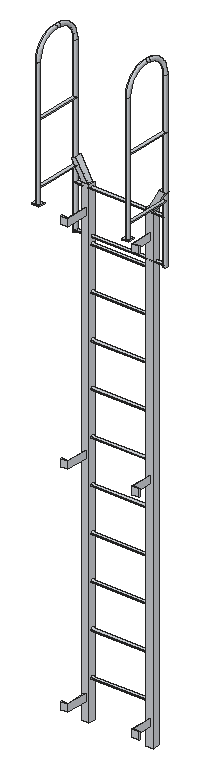
Revit family "Cotterman Ladder", category Generic Models, host Wall, Revit 2016
Family settings
  Host = Wall
  Part Type = Normal
  Can host rebar = No
  Round Connector Dimension = Use Diameter
  Always vertical = Yes
  Cut with Voids When Loaded = No
  Shared = No
  Room Calculation Point = No
Parameters
  T/O Roof [instance] = 12' - 0"
  Material = none
  Ladder Length = 0' 1" + (1' 0" * # of Rung) + 1' 0"  # 11' - 1"
  # of Rung = 10
Reference planes (in)
  plane 1: y = 0
  plane 2 "Center (Left/Right)": x = 0
  plane 3 "Wall Edge": y = 4
  plane 4 "Walk-thru attachement": y = -2
  plane 5 "Rung center": y = 11
  plane 6 "Ladder left": x = -8
  plane 7 "ladder right": x = 8
  plane 8 "Walk-thru Rail-Right": x = 12.5
  plane 9 "Walk-thru Rail Left": x = -12.5
  plane 10 "T/O Roof": z = 144
  plane 11: z = 185.5
  plane 12: z = 11
  plane 13: z = 145
  plane 14: z = 132
  plane 15: z = 131.5
  plane 16: z = 149
  plane 17: z = 165
  plane 18 "top mount": z = 138
  plane 19 "bottom mount": z = 17
  plane 20 "middle mount": z = 77.5
  plane 21: z = 120
Forms (in)
  Extrusion 1, solid, material <- "Material"
    sketch origin (0, 0, 0) x (1, 0, 0) y (0, 1, 0)
      loop
        line (-8, 10) -> (-8, 12) -> (-10, 12) -> (-10, 10) -> (-8, 10)
      loop
        line (8, 10) -> (10, 10) -> (10, 12) -> (8, 12) -> (8, 10)
    from 11 to 145
  Extrusion 2, solid, material <- "Material"
    sketch origin (0, 0, 144) x (0, -1, 0) y (1, 0, 0)
      loop
        line (1, -13.5) -> (3, -13.5) -> (3, -11.5) -> (1, -11.5) -> (1, -13.5)
      loop
        line (1, 11.5) -> (3, 11.5) -> (3, 13.5) -> (1, 13.5) -> (1, 11.5)
    from 0 to 0.25
  Sweep 3, solid, material <- "Material"
    path origin (12.5, 0, 0) x (0, 1, 0) y (0, 0, 1)
      loop
        line (-2, 144.25) -> (-2, 179.5)
        arc (-2, 179.5) -> (-0.24264, 183.74264) -> (4, 185.5) r 6
        line (4, 185.5) -> (5, 185.5)
        arc (5, 185.5) -> (9.24264, 183.74264) -> (11, 179.5) r 6
        line (11, 179.5) -> (11, 131.5)
    profile origin (12.5, -2, 161.875) x (0, 1, 0) y (-1, 0, 0)
      loop
        circle (0, 0) r 0.5
  Sweep 4, solid, material <- "Material"
    path origin (-12.5, 0, 0) x (0, 1, 0) y (0, 0, 1)
      loop
        line (-2, 144.25) -> (-2, 179.5)
        arc (-2, 179.5) -> (-0.24264, 183.74264) -> (4, 185.5) r 6
        line (4, 185.5) -> (5, 185.5)
        arc (5, 185.5) -> (9.24264, 183.74264) -> (11, 179.5) r 6
        line (11, 179.5) -> (11, 131.5)
    profile origin (-12.5, -2, 161.875) x (0, -1, 0) y (1, 0, 0)
      loop
        circle (0, 0) r 0.5
  Extrusion 5, solid, material <- "Material"
    sketch origin (0, 4, 0) x (1, 0, 0) y (0, 0, 1)
      loop
        circle (12.5, 148) r 0.375
      loop
        circle (-12.5, 148) r 0.375
      loop
        circle (12.5, 165) r 0.375
      loop
        circle (-12.5, 165) r 0.375
    from -7 to 6
  Extrusion 6, solid, material <- "Material"
    sketch origin (0, 0, 0) x (0, 1, 0) y (0, 0, 1)
      loop
        circle (11, 144) r 0.375
      loop
        circle (11, 132) r 0.375
    from -12.5 to 12.5
  Extrusion 7, solid, material <- "Material"
    sketch origin (0, 11, 0) x (-1, 0, 0) y (0, 0, 1)
      loop
        line (-9.71132, 144.25) -> (-8.41229, 145) -> (-11.70096, 150.69615) -> (-13, 149.94615) -> (-9.71132, 144.25)
      loop
        line (9.71132, 144.25) -> (13, 149.94615) -> (11.70096, 150.69615) -> (8.41229, 145) -> (9.71132, 144.25)
    from -0.75 to 0.75
  Extrusion 8, solid, material <- "Material"
    sketch origin (0, 0, 17) x (0, -1, 0) y (1, 0, 0)
      loop
        line (-10, -8.875) -> (-10, -9.125) -> (-4.25, -9.125) -> (-4.25, -10.875) -> (-4, -10.875) -> (-4, -8.875) -> (-10, -8.875)
      loop
        line (-10, 8.875) -> (-4, 8.875) -> (-4, 10.875) -> (-4.25, 10.875) -> (-4.25, 9.125) -> (-10, 9.125) -> (-10, 8.875)
    from -1 to 1
  Extrusion 9, solid, material <- "Material"
    sketch origin (0, 0, 77.5) x (0, -1, 0) y (1, 0, 0)
      loop
        line (-10, -8.875) -> (-10, -9.125) -> (-4.25, -9.125) -> (-4.25, -10.875) -> (-4, -10.875) -> (-4, -8.875) -> (-10, -8.875)
      loop
        line (-10, 8.875) -> (-4, 8.875) -> (-4, 10.875) -> (-4.25, 10.875) -> (-4.25, 9.125) -> (-10, 9.125) -> (-10, 8.875)
    from -1 to 1
  Extrusion 10, solid, material <- "Material"
    sketch origin (0, 0, 138) x (0, -1, 0) y (1, 0, 0)
      loop
        line (-10, -8.875) -> (-10, -9.125) -> (-4.25, -9.125) -> (-4.25, -10.875) -> (-4, -10.875) -> (-4, -8.875) -> (-10, -8.875)
      loop
        line (-10, 8.875) -> (-4, 8.875) -> (-4, 10.875) -> (-4.25, 10.875) -> (-4.25, 9.125) -> (-10, 9.125) -> (-10, 8.875)
    from -1 to 1
  Extrusion 11, solid, material <- "Material"
    sketch origin (0, 0, 0) x (0, 1, 0) y (0, 0, 1)
      loop
        circle (11, 130) r 0.375
    from -8 to 8
  Extrusion 12, solid, material <- "Material"
    sketch origin (0, 0, -12) x (0, 1, 0) y (0, 0, 1)
      loop
        circle (11, 130) r 0.375
    from -8 to 8
  Extrusion 13, solid, material <- "Material"
    sketch origin (0, 0, -24) x (0, 1, 0) y (0, 0, 1)
      loop
        circle (11, 130) r 0.375
    from -8 to 8
  Extrusion 14, solid, material <- "Material"
    sketch origin (0, 0, -36) x (0, 1, 0) y (0, 0, 1)
      loop
        circle (11, 130) r 0.375
    from -8 to 8
  Extrusion 15, solid, material <- "Material"
    sketch origin (0, 0, -48) x (0, 1, 0) y (0, 0, 1)
      loop
        circle (11, 130) r 0.375
    from -8 to 8
  Extrusion 16, solid, material <- "Material"
    sketch origin (0, 0, -60) x (0, 1, 0) y (0, 0, 1)
      loop
        circle (11, 130) r 0.375
    from -8 to 8
  Extrusion 17, solid, material <- "Material"
    sketch origin (0, 0, -72) x (0, 1, 0) y (0, 0, 1)
      loop
        circle (11, 130) r 0.375
    from -8 to 8
  Extrusion 18, solid, material <- "Material"
    sketch origin (0, 0, -84) x (0, 1, 0) y (0, 0, 1)
      loop
        circle (11, 130) r 0.375
    from -8 to 8
  Extrusion 19, solid, material <- "Material"
    sketch origin (0, 0, -96) x (0, 1, 0) y (0, 0, 1)
      loop
        circle (11, 130) r 0.375
    from -8 to 8
  Extrusion 20, solid, material <- "Material"
    sketch origin (0, 0, -108) x (0, 1, 0) y (0, 0, 1)
      loop
        circle (11, 130) r 0.375
    from -8 to 8
Text (in)
  text "Placement Side" at (0, 40.15149, 123.01588), in view "Right"
  text "Placement Side" at (-70.3804, 28.46503, 0), in view "Ref. Level"
  text "Placement Side" at (0, 81.62555, 140.59947), in view "Left"
Dimensions and locks (in)
  locked: plane 3 "Wall Edge" to host wall
  plane 4 "Walk-thru attachement" to plane 3 "Wall Edge" to plane 5 "Rung center" = 0' - 6" locked, 0' - 7" locked
  plane 6 "Ladder left" to plane 2 "Center (Left/Right)" = 0' - 8"
  plane 2 "Center (Left/Right)" to plane 7 "ladder right" = 0' - 8"
  "T/O Roof": plane 10 "T/O Roof" to level
  locked: plane 11 to plane 10 "T/O Roof" at 41.5
  "Ladder Length": plane 10 "T/O Roof" to plane 12
  locked: Extrusion 1 sketch curve to plane 6 "Ladder left" at 2
  Extrusion 1 sketch curve to plane 5 "Rung center" to Extrusion 1 sketch curve = 0' - 1" locked, 0' - 1" locked  (x2)
  locked: plane 7 "ladder right" to Extrusion 1 sketch curve at 2
  locked: plane 13 to plane 10 "T/O Roof" at 1
  Extrusion 2 sketch curve to plane 9 "Walk-thru Rail Left" to Extrusion 2 sketch curve = 0' - 1" locked, 0' - 1" locked
  Extrusion 2 sketch curve to plane 8 "Walk-thru Rail-Right" to Extrusion 2 sketch curve = 0' - 1" locked, 0' - 1" locked
  Extrusion 2 sketch curve to plane 4 "Walk-thru attachement" to Extrusion 2 sketch curve = 0' - 1" locked, 0' - 1" locked  (x2)
  locked: plane 10 "T/O Roof" to plane 14 at 12
  locked: plane 14 to plane 15 at 0.5
  plane 17 to plane 16 to plane 10 "T/O Roof" = 1' - 4" locked, 0' - 5" locked
  locked: plane 10 "T/O Roof" to plane 18 "top mount" at 6
  locked: plane 12 to plane 19 "bottom mount" at 6
  equal spacing: plane 18 "top mount", plane 20 "middle mount", plane 19 "bottom mount"
  locked: plane 14 to plane 21 at 12
  equal spacing: group 1, group 2, group 3, group 4, group 5, group 6, group 7, group 8, group 9, group 10  (x2)
  equal spacing: group 10, group 9, group 8, group 7, group 6, group 5, group 4, group 3, group 2, group 1
  aligned and locked: plane 7 "ladder right" to Extrusion 1 sketch curve
  aligned and locked: Extrusion 1 sketch curve to plane 6 "Ladder left"
  aligned and locked: Extrusion 1 to plane 12
  aligned and locked: plane 13 to Extrusion 1
Automatic sketch dimensions
  Sweep 3 sketch curve to plane 8 "Walk-thru Rail-Right" = 0' - 0"
  profile plane to Sweep 3 sketch curve = 0' - 0"
  Sweep 3 sketch curve to plane 4 "Walk-thru attachement" = 0' - 0"
  Sweep 3 sketch curve to plane 3 "Wall Edge" = 0' - 0"
  Sweep 3 sketch curve to plane 11 = 0' - 0"
  Sweep 3 sketch curve to plane 5 "Rung center" = 0' - 0"
  Sweep 3 sketch curve to plane 15 = 0' - 0"
  plane 3 "Wall Edge" to Sweep 3 sketch curve = 0' - 1"
  Sweep 3 sketch curve to plane 10 "T/O Roof" = 0' - 0 1/4"
  Sweep 4 sketch curve to plane 4 "Walk-thru attachement" = 0' - 0"
  Sweep 4 sketch curve to plane 3 "Wall Edge" = 0' - 0"
  Sweep 4 sketch curve to plane 11 = 0' - 0"
  Sweep 4 sketch curve to plane 5 "Rung center" = 0' - 0"
  Sweep 4 sketch curve to plane 15 = 0' - 0"
  Sweep 4 sketch curve to plane 3 "Wall Edge" = 0' - 1"
  plane 10 "T/O Roof" to Sweep 4 sketch curve = 0' - 0 1/4"
  Sweep 4 sketch curve to plane 9 "Walk-thru Rail Left" = 0' - 0"
  Sweep 4 sketch curve to profile plane = 0' - 0"
  Extrusion 5 sketch curve to plane 9 "Walk-thru Rail Left" = 0' - 0"  (x2)
  plane 8 "Walk-thru Rail-Right" to Extrusion 5 sketch curve = 0' - 0"  (x2)
  Extrusion 5 sketch curve to plane 16 = 0' - 1"  (x2)
  Extrusion 5 sketch curve to plane 17 = 0' - 0"  (x2)
  Extrusion 6 sketch curve to plane 5 "Rung center" = 0' - 0"  (x2)
  Extrusion 6 sketch curve to plane 14 = 0' - 0"
  Extrusion 6 sketch curve to plane 10 "T/O Roof" = 0' - 0"
  Extrusion 7 sketch curve to plane 13 = 0' - 0"  (x2)
  Extrusion 7 sketch curve to plane 8 "Walk-thru Rail-Right" = 0' - 0 1/2"
  plane 8 "Walk-thru Rail-Right" to Extrusion 7 sketch curve = 0' - 0.79904"
  plane 10 "T/O Roof" to Extrusion 7 sketch curve = 0' - 0 1/4"  (x2)
  Extrusion 7 sketch curve to plane 7 "ladder right" = 0' - 1.71132"
  Extrusion 7 sketch curve to plane 6 "Ladder left" = 0' - 0.41229"
  Extrusion 7 sketch curve to Extrusion 7 sketch curve = 0' - 1.29904"
  plane 9 "Walk-thru Rail Left" to Extrusion 7 sketch curve = 0' - 0.79904"
  Extrusion 8 sketch curve to host wall = 0' - 0"  (x2)
  Extrusion 8 sketch curve to Extrusion 8 sketch curve = 0' - 0 1/4"  (x3)
  host wall to Extrusion 8 sketch curve = 0' - 0 1/4"
  Extrusion 8 sketch curve to plane 5 "Rung center" = 0' - 1"  (x2)
  plane 9 "Walk-thru Rail Left" to Extrusion 8 sketch curve = 0' - 1 5/8"
  Extrusion 8 sketch curve to plane 6 "Ladder left" = 0' - 1 1/8"
  Extrusion 8 sketch curve to plane 7 "ladder right" = 0' - 0 7/8"
  plane 8 "Walk-thru Rail-Right" to Extrusion 8 sketch curve = 0' - 1 5/8"
  Extrusion 10 sketch curve to host wall = 0' - 0"  (x2)
  Extrusion 10 sketch curve to Extrusion 10 sketch curve = 0' - 0 1/4"  (x3)
  host wall to Extrusion 10 sketch curve = 0' - 0 1/4"
  Extrusion 10 sketch curve to plane 5 "Rung center" = 0' - 1"  (x2)
  plane 9 "Walk-thru Rail Left" to Extrusion 10 sketch curve = 0' - 1 5/8"
  Extrusion 10 sketch curve to plane 6 "Ladder left" = 0' - 1 1/8"
  Extrusion 10 sketch curve to plane 7 "ladder right" = 0' - 0 7/8"
  plane 8 "Walk-thru Rail-Right" to Extrusion 10 sketch curve = 0' - 1 5/8"
  Extrusion 9 sketch curve to host wall = 0' - 0"  (x2)
  Extrusion 9 sketch curve to Extrusion 9 sketch curve = 0' - 0 1/4"  (x3)
  host wall to Extrusion 9 sketch curve = 0' - 0 1/4"
  Extrusion 9 sketch curve to plane 5 "Rung center" = 0' - 1"  (x2)
  plane 9 "Walk-thru Rail Left" to Extrusion 9 sketch curve = 0' - 1 5/8"
  Extrusion 9 sketch curve to plane 6 "Ladder left" = 0' - 1 1/8"
  Extrusion 9 sketch curve to plane 7 "ladder right" = 0' - 0 7/8"
  plane 8 "Walk-thru Rail-Right" to Extrusion 9 sketch curve = 0' - 1 5/8"
  radius of Sweep 3 sketch curve = 0' - 0 1/2"
  radius of Sweep 4 sketch curve = 0' - 0 1/2"
  radius of Extrusion 5 sketch curve = 0' - 0 3/8"  (x4)
  radius of Extrusion 6 sketch curve = 0' - 0 3/8"  (x2)
  radius of Extrusion 11 sketch curve = 0' - 0 3/8"
  radius of Extrusion 12 sketch curve = 0' - 0 3/8"
  radius of Extrusion 13 sketch curve = 0' - 0 3/8"
  radius of Extrusion 14 sketch curve = 0' - 0 3/8"
  radius of Extrusion 15 sketch curve = 0' - 0 3/8"
  radius of Extrusion 16 sketch curve = 0' - 0 3/8"
  radius of Extrusion 17 sketch curve = 0' - 0 3/8"
  radius of Extrusion 18 sketch curve = 0' - 0 3/8"
  radius of Extrusion 19 sketch curve = 0' - 0 3/8"
  radius of Extrusion 20 sketch curve = 0' - 0 3/8"
